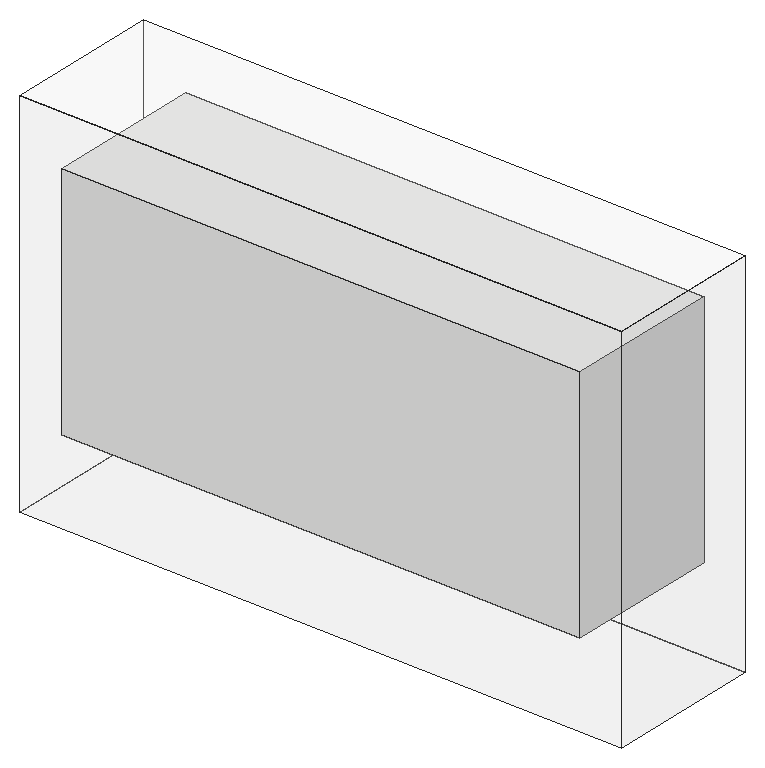
Revit family "vl-16_18(e)u3-d_60Hz", category 機械設備, Revit 2019
Family settings
  丸型コネクタ寸法 = 直径を使用
  パーツ タイプ = 標準
  OmniClass 番号 = 23.75.35.17.27
  OmniClass タイトル = Centrifugal Fans
  作業面ベース = いいえ
  常に垂直 = はい
  ロード時にボイドで切り取り = いいえ
  共有 = いいえ
  部屋計算ポイント = いいえ
Parameters (values of type "VL-16EU3-D")
  騒音レベル(dB(A)) [instance] = 39
  風量 [instance] = 103.0 m³/h
  電源種別 [instance] = ""
  電圧 = 100 V
  電動機出力 = 0 W
  電動機_種別 [instance] = ""
  運転質量 = 0.00 kg
  連動 [instance] = ""
  質量 = if(製品質量 > 運転質量, 製品質量, 運転質量) * 1.2  # 7.80 kg
  負荷分類 = 3_ファン類
  説明 = "換気空清機ロスナイ 寒冷地仕様 壁掛2パイプ取付タイプ"
  設計風量 [instance] = 0.0 m³/h
  設置方法 = "壁付"
  記号 [instance] = ""
  製造元 = "三菱電機株式会社"
  製品質量 = 6.50 kg
  製品出荷対象 = "国内"
  製品リリース年月 = "2019年5月16日"
  製品グループ = ""
  系統 [instance] = ""
  符号 [instance] = ""
  積算_科目 = "2 換気設備"
  積算_拾い区分 [instance] = ""
  相 = 1
  盤記号 [instance] = ""
  発停方法 [instance] = ""
  特殊仕様 [instance] = ""
  温度交換効率 = 70.00%
  メンテナンススペース = yes
  火災停止 [instance] = ""
  消費電力 = 38 W
  法定耐用年数 = "15"
  機外静圧 [instance] = 0.0 Pa
  極数 = 2
  材質 [instance] = ""
  操作・制御方式 = ""
  操作・制御スイッチ = ""
  排気量 [instance] = 0.0 m³/h
  形式 = ""
  幹線記号 [instance] = ""
  対象室 [instance] = ""
  実風量 [instance] = 0.0 m³/h
  始動方式 [instance] = "直入"
  外気量 [instance] = 0.0 m³/h
  呼称 = ""
  周波数 = 60 Hz
  参照している仕様書等のバージョン = ""
  分類コード = "50052504100030"
  分類グループ = ""
  価格 = 74100
  企業コード = "108420"
  付属品_防振装置 = ""
  付属品 [instance] = ""
  仕様書バージョン = "Version1.0"
  モデル = "VL-16EU3-D"
  マテリアル = 合成樹脂(白)
  ファンの種類 = ""
  ダクト径 = 75 mm
  コメント [instance] = ""
  Keynote = ""
  Width = 620 mm
  W1 = if(Width / 2 < Depth, Width / 2, Depth)  # 185 mm
  Version = ""
  Uniclass2015Version = "Systems v1.9"
  Uniclass2015Title = "Twin centrifugal fans"
  Uniclass2015Code = "Pr_65_67_29_89"
  URL = "https://www.mitsubishielectric.co.jp/ldg/wink/ssl/displayProduct.do?pid=301004"
  SpecificationReference = ""
  SpecificationDescription = ""
  SAサイズ_D = 75 mm
  Revision = ""
  ProductInformation = ""
  OmniClassCode = "23-33 31 19 13 13"
  MIN風量 = 60.0 m³/h
  MIN静圧 = 0.0 Pa
  MID風量 = 0.0 m³/h
  MID静圧 = 0.0 Pa
  MAX風量 = 103.0 m³/h
  MAX静圧 = 0.0 Pa
  IfcTypeProduct = ""
  IfcProduct = ""
  IfcExportType = "CENTRIFUGALBACKWARDINCLINEDCURVED"
  IfcExportAs = "IfcFanType"
  Height = 285 mm
  EAサイズ_D = 75 mm
  Duct_W = 175 mm
  Duct_H = 38 mm
  Depth = 185 mm
  Clearance Top = 60.5 mm
  Clearance Right = 50 mm
  Clearance Left = 50 mm
  Clearance Front = 0 mm
  Clearance Bottom = 100.5 mm
  Clearance Back = 0 mm
  Author = "三菱電機株式会社"
Types (4, lengths in mm): name | 騒音レベル(dB(A)) | 風量 | 質量 | 製品質量 | 温度交換効率 | 消費電力 | 価格 | モデル | ダクト径 | URL | SAサイズ_D | MIN風量 | MAX風量 | EAサイズ_D | Duct_H
  VL-16U3-D | 39 | 103.0 m³/h | 7.80 kg | 6.50 kg | 70.00% | 38 W | 69000 | "VL-16U3-D" | 75 | "https://www.mitsubishielectric.co.jp/ldg/wink/ssl/displayProduct.do?pid=301008" | 75 | 60.0 m³/h | 103.0 m³/h | 75 | 38
  VL-16EU3-D | 39 | 103.0 m³/h | 7.80 kg | 6.50 kg | 70.00% | 38 W | 74100 | "VL-16EU3-D" | 75 | "https://www.mitsubishielectric.co.jp/ldg/wink/ssl/displayProduct.do?pid=301004" | 75 | 60.0 m³/h | 103.0 m³/h | 75 | 38
  VL-18U3-D | 44 | 130.0 m³/h | 8.16 kg | 6.80 kg | 53.00% | 54 W | 76300 | "VL-18U3-D" | 100 | "https://www.mitsubishielectric.co.jp/ldg/wink/ssl/displayProduct.do?pid=300944" | 100 | 55.0 m³/h | 130.0 m³/h | 100 | 25
  VL-18EU3-D | 44 | 130.0 m³/h | 8.16 kg | 6.80 kg | 53.00% | 54 W | 81500 | "VL-18EU3-D" | 100 | "https://www.mitsubishielectric.co.jp/ldg/wink/ssl/displayProduct.do?pid=301010" | 100 | 55.0 m³/h | 130.0 m³/h | 100 | 25
Reference planes
  plane 1 "中心(正面/背面)": y = 0
  plane 2: z = 0
  plane 3 "中心(左/右)": x = 0
  plane 4: x = 360
  plane 5: y = 0
  plane 6: y = -185
  plane 7: x = -310
  plane 8: x = 310
  plane 9: y = -185
  plane 10: z = 203
  plane 11: z = -142.5
  plane 12: x = -360
  plane 13: z = -243
  plane 14: y = -92.5
  plane 15: z = 142.5
  plane 16: z = -38
  plane 17: x = -155
  plane 18: x = 155
  plane 19: x = 175
  plane 20: x = -175
  plane 21: y = 1
Forms (mm)
  Extrusion 1, solid, material "合成樹脂(白)" <- "マテリアル", detail levels fine
    sketch origin (0, 0, 0) x (1, 0, 0) y (0, 1, 0)
      loop
        line (-310, 0) -> (-310, -185) -> (310, -185) -> (310, 0) -> (-310, 0)
    from -142.5 to 142.5
  Extrusion 2, solid, material "合成樹脂(白)" <- "マテリアル", detail levels fine
    sketch origin (0, 0, 0) x (1, 0, 0) y (0, 0, 1)
      loop
        circle (175, -38) r 37.5
    from -1 to 0
  Extrusion 3, solid, material "合成樹脂(白)" <- "マテリアル", detail levels fine
    sketch origin (0, 0, 0) x (1, 0, 0) y (0, 0, 1)
      loop
        circle (-175, -38) r 37.5
    from -1 to 0
Lines and regions (mm)
  Masking region 1, detail levels coarse+medium
    outline origin (2279.921, -68.194, 0) x (1, 0, 0) y (0, 1, 0)
      loop
        line (-2589.921, 68.194) -> (-2589.921, -116.806) -> (-1969.921, -116.806) -> (-1969.921, 68.194) -> (-2589.921, 68.194)
  symbolic lines, detail levels coarse+medium
    curve 1: circle (155, -92.5, 0) r 92.5 normal (0, 0, 1)
    curve 2: circle (-155, -92.5, 0) r 92.5 normal (0, 0, 1)
Dimensions and locks
  equal spacing: plane 7, plane 3 "中心(左/右)", plane 8
  "Width": plane 7 to plane 8
  "Clearance Left": plane 12 to plane 7
  "Depth": plane 1 "中心(正面/背面)" to plane 9
  "Clearance Front": plane 9 to plane 6
  "Clearance Back": plane 5 to plane 1 "中心(正面/背面)"
  "Clearance Right": plane 8 to plane 4
  "Clearance Bottom": plane 11 to plane 13
  equal spacing: plane 1 "中心(正面/背面)", plane 14, plane 9
  "Height": plane 15 to plane 11
  "Clearance Top": plane 10 to plane 15
  equal spacing: plane 15, level, plane 11
  "Duct_H": level to plane 16
  equal spacing: plane 7, plane 17, plane 3 "中心(左/右)"
  equal spacing: plane 3 "中心(左/右)", plane 18, plane 8
  equal spacing: plane 20, plane 3 "中心(左/右)", plane 19
  locked: plane 21 to plane 1 "中心(正面/背面)" at 1
  "Duct_W": plane 3 "中心(左/右)" to plane 20
  "Duct_W": plane 19 to plane 3 "中心(左/右)"
  "W1": diameter of curve 2
  "W1": diameter of curve 1
  "SAサイズ_D": diameter of Extrusion 2 sketch curve
  "EAサイズ_D": diameter of Extrusion 3 sketch curve
  aligned and locked: level to plane 2
  aligned and locked: plane 8 to Extrusion 1
  aligned and locked: Extrusion 1 to plane 9
  aligned and locked: Extrusion 1 to plane 7
  aligned and locked: Extrusion 1 to plane 11
  aligned and locked: Extrusion 1 to plane 1 "中心(正面/背面)"
  aligned and locked: plane 15 to Extrusion 1
  aligned and locked: nested 1 to plane 6
  aligned and locked: nested 1 to plane 5
  aligned and locked: plane 12 to nested 1
  aligned and locked: plane 4 to nested 1
  aligned and locked: plane 13 to nested 1
  aligned and locked: plane 10 to nested 1
  aligned and locked: Masking region 1 to plane 7
  aligned and locked: plane 8 to Masking region 1
  aligned and locked: Masking region 1 to plane 1 "中心(正面/背面)"
  aligned and locked: Masking region 1 to plane 9
  aligned and locked: plane 1 "中心(正面/背面)" to Extrusion 3
  aligned and locked: plane 21 to Extrusion 3
  aligned and locked: plane 21 to Extrusion 2
  aligned and locked: plane 1 "中心(正面/背面)" to Extrusion 2
Automatic sketch dimensions
  Extrusion 1 sketch curve to plane 3 "中心(左/右)" = 310 mm
  plane 3 "中心(左/右)" to Extrusion 1 sketch curve = 310 mm
  plane 1 "中心(正面/背面)" to Extrusion 1 sketch curve = 185 mm
  Extrusion 1 sketch curve to plane 1 "中心(正面/背面)" = 0 mm
  Masking region 1 sketch curve to plane 4 = 670 mm
  Masking region 1 sketch curve to Masking region 1 sketch curve = 620 mm
  plane 6 to Masking region 1 sketch curve = 0 mm
  plane 14 to Masking region 1 sketch curve = 92.5 mm
  curve 2 to plane 14 = 0 mm
  curve 2 to plane 17 = 0 mm
  curve 1 to plane 14 = 0 mm
  curve 1 to plane 18 = 0 mm
  Extrusion 2 sketch curve to plane 16 = 0 mm
  plane 19 to Extrusion 2 sketch curve = 0 mm
  Extrusion 3 sketch curve to plane 16 = 0 mm
  plane 20 to Extrusion 3 sketch curve = 0 mm
Nested families
  nested 1: "メンテナンススペース" at (0, -92.5, -20), visible <- "メンテナンススペース", type "メンテナンススペース"
    with Width 720 mm, Height 446 mm, Depth 185 mm
Connectors
  electrical at (0, 0, 0), driven by "極数", driven by "電圧", driven by "消費電力"
    settings: on Extrusion 1, index 1, voltage 100 V, apparent load 38 VA, apparent load phase1 0 VA, apparent load phase2 0 VA, apparent load phase3 0 VA, power factor 1, load classification "その他", number of poles 2, system type 30, power factor state 1, is connector primary yes, connector utility no, sub classification motor no, connector description ""
  hvac at (175, 1, -38), driven by "ダクト径", driven by "機外静圧", driven by "風量"
    settings: on Extrusion 2, index 2, duct flow 103.0 m³/h, flow factor 0, pres drop 0.0 Pa, loss coef 0, conn angle 0.00°, conn width 304.8 mm, conn height 304.8 mm, conn diameter 75 mm, duct sys type 1, conn prof type 0, flow config 0, flow direction 1, loss method 4, conn ref index -1, conn util no, is conn primary yes, conn desc ""
  hvac at (-175, 1, -38), driven by "ダクト径", driven by "機外静圧", driven by "風量"
    settings: on Extrusion 3, index 3, duct flow 103.0 m³/h, flow factor 0, pres drop 0.0 Pa, loss coef 0, conn angle 0.00°, conn width 304.8 mm, conn height 304.8 mm, conn diameter 75 mm, duct sys type 3, conn prof type 0, flow config 0, flow direction 2, loss method 4, conn ref index -1, conn util no, is conn primary no, conn desc ""
Definition of nested family "メンテナンススペース"
  Parameters (values of type "メンテナンススペース")
    Width [instance] = 500 mm
    Height [instance] = 500 mm
    Depth [instance] = 500 mm
  Reference planes
    plane 1 "中心(正面/背面)": y = 0
    plane 2: z = 0
    plane 3 "中心(左/右)": x = 0
    plane 4: y = -250
    plane 5: x = 250
    plane 6: y = 250
    plane 7: x = -250
    plane 8: z = 250
    plane 9: z = -250
  Forms (mm)
    Extrusion 1, solid
      sketch origin (-638.939, 0, 72.39) x (1, 0, 0) y (0, 1, 0)
        loop
          line (388.939, 250) -> (388.939, -250) -> (888.939, -250) -> (888.939, 250) -> (388.939, 250)
      from -322.39 to 177.61
  Lines and regions (mm)
    symbolic lines
      curve 1: line (-250, 0, 250) -> (250, 0, 250)
      curve 2: line (-250, 0, -250) -> (-250, 0, 250)
      curve 3: line (250, 0, -250) -> (-250, 0, -250)
      curve 4: line (250, 0, 250) -> (250, 0, -250)
      curve 5: line (0, -250, 250) -> (0, 250, 250)
      curve 6: line (0, -250, -250) -> (0, -250, 250)
      curve 7: line (0, 250, -250) -> (0, -250, -250)
      curve 8: line (0, 250, 250) -> (0, 250, -250)
      curve 9: line (-250, 250, 0) -> (250, 250, 0)
      curve 10: line (-250, -250, 0) -> (-250, 250, 0)
      curve 11: line (250, -250, 0) -> (-250, -250, 0)
      curve 12: line (250, 250, 0) -> (250, -250, 0)
  Dimensions and locks
    equal spacing: plane 7, plane 3 "中心(左/右)", plane 5
    equal spacing: plane 4, plane 1 "中心(正面/背面)", plane 6
    "Depth": plane 4 to plane 6
    "Width": plane 7 to plane 5
    equal spacing: plane 8, plane 2, plane 9
    "Height": plane 8 to plane 9
    aligned and locked: plane 9 to curve 3
    aligned and locked: plane 7 to curve 2
    aligned and locked: curve 4 to plane 5
    aligned and locked: plane 5 to Extrusion 1
    aligned and locked: Extrusion 1 to plane 7
    aligned and locked: Extrusion 1 to plane 9
    aligned and locked: plane 8 to Extrusion 1
    aligned and locked: plane 9 to curve 7
  Automatic sketch dimensions
    plane 4 to Extrusion 1 sketch curve = 0 mm
    Extrusion 1 sketch curve to plane 7 = 0 mm
    Extrusion 1 sketch curve to plane 5 = 0 mm
    plane 6 to Extrusion 1 sketch curve = 0 mm
    curve 2 to plane 8 = 0 mm
    plane 4 to curve 11 = 0 mm
    curve 11 to plane 7 = 0 mm
    curve 11 to plane 5 = 0 mm
    plane 6 to curve 10 = 0 mm
    curve 7 to plane 4 = 0 mm
    curve 7 to plane 6 = 0 mm
    curve 6 to plane 8 = 0 mm
